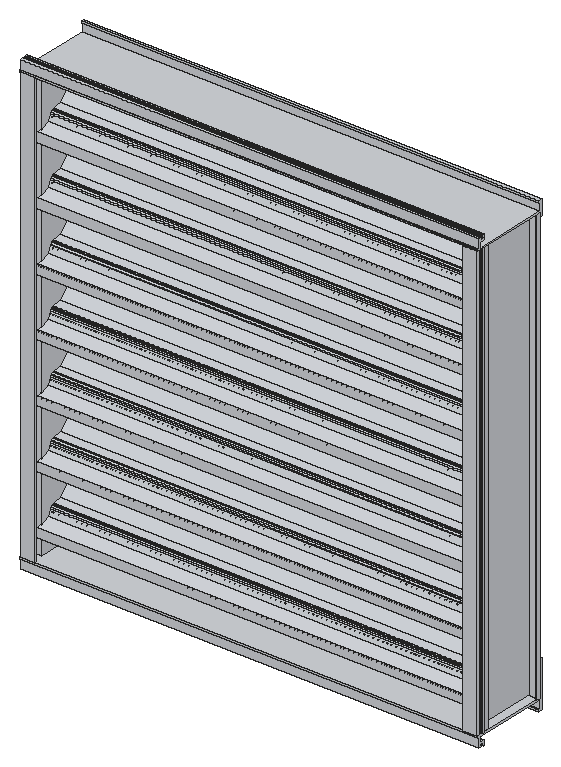
Revit family "DCFL-D-6", category Mechanical Equipment, Revit 2015
Parameters
  URL = "http://unitedenertech.com/catalog/pdf/A_22%20DCFLD6.pdf"
  Type Comments = "Max. Single Section Size is (72\"w  x  72\"h)"
  Number of Blades [instance] = rounddown((Exact Height - 0' 1 13/16") / 0' 4 41/64")  # 7
  Model = "DCFL-D-6"
  Manufacturer = "United Enertech Corporation"
  Exact Width = 3' - 0"
  Exact Height = 3' - 0"
  Description = "6\" Deep Hurricane Louver"
  Depth = 0' - 6.26867"
  Blade Width [instance] = Exact Width - 0' 1 13/16"  # 2' - 10 3/16"
  Blade Spacing = 0' - 4.64"
Reference planes (in)
  plane 1 "Center (Front/Back)": y = 0
  plane 2: z = 0
  plane 3 "Center (Left/Right)": x = 0
  plane 4: x = -18
  plane 5: x = 18
  plane 6: z = 36
  plane 7: z = 0.907
  plane 8: z = 35.093
  plane 9: y = 6.26867
  plane 10: x = -17.094
  plane 11: x = 17.094
Forms (in)
  Extrusion 1, solid
    sketch origin (32.73411, 22.44798, 0) x (1, 0, 0) y (0, 1, 0)
      loop
        line (-50.60911, -16.59898) -> (-50.60911, -16.49198) -> (-49.95311, -16.49198) -> (-49.95311, -21.36398) -> (-50.66611, -21.36398) -> (-50.66611, -21.82298) -> (-50.73411, -21.82298) -> (-50.73411, -21.94798) -> (-50.66611, -21.94798) -> (-50.66611, -22.00898) -> (-50.58511, -22.00898) -> (-50.58511, -21.94798) -> (-50.49711, -21.94798) -> (-50.49711, -22.32298) -> (-50.58511, -22.32298) -> (-50.58511, -22.23198) -> (-50.66611, -22.23198) -> (-50.66611, -22.44798) -> (-49.56511, -22.44798) -> (-49.56511, -22.32298) -> (-49.82811, -22.32298) -> (-49.82811, -22.21598) -> (-49.95311, -22.21598) -> (-49.95311, -22.32298) -> (-50.37211, -22.32298) -> (-50.37211, -21.82298) -> (-50.54111, -21.82298) -> (-50.54111, -21.48898) -> (-49.82811, -21.48898) -> (-49.82811, -16.49198) -> (-49.56511, -16.49198) -> (-49.56511, -16.36698) -> (-50.73411, -16.36698) -> (-50.73411, -16.59898) -> (-50.60911, -16.59898)
    from 0.907 to 35.093
  Extrusion 2, solid
    sketch origin (-32.73411, 22.44798, 0) x (-1, 0, 0) y (0, -1, 0)
      loop
        line (-50.60911, 16.59898) -> (-50.73411, 16.59898) -> (-50.73411, 16.36698) -> (-49.56511, 16.36698) -> (-49.56511, 16.49198) -> (-49.82811, 16.49198) -> (-49.82811, 21.48898) -> (-50.54111, 21.48898) -> (-50.54111, 21.82298) -> (-50.37211, 21.82298) -> (-50.37211, 22.32298) -> (-49.95311, 22.32298) -> (-49.95311, 22.21598) -> (-49.82811, 22.21598) -> (-49.82811, 22.32298) -> (-49.56511, 22.32298) -> (-49.56511, 22.44798) -> (-50.66611, 22.44798) -> (-50.66611, 22.23198) -> (-50.58511, 22.23198) -> (-50.58511, 22.32298) -> (-50.49711, 22.32298) -> (-50.49711, 21.94798) -> (-50.58511, 21.94798) -> (-50.58511, 22.00898) -> (-50.66611, 22.00898) -> (-50.66611, 21.94798) -> (-50.73411, 21.94798) -> (-50.73411, 21.82298) -> (-50.66611, 21.82298) -> (-50.66611, 21.36398) -> (-49.95311, 21.36398) -> (-49.95311, 16.49198) -> (-50.60911, 16.49198) -> (-50.60911, 16.59898)
    from 0.907 to 35.093
  Extrusion 3, solid
    sketch origin (-10.45021, 50.73378, 8.99276) x (0, 1, 0) y (0, 0, 1)
      loop
        line (-44.46511, -5.28576) -> (-44.59011, -5.28576) -> (-44.59011, -8.08576) -> (-50.73378, -8.08576) -> (-50.73378, -8.21076) -> (-50.67111, -8.21076) -> (-50.67111, -8.92376) -> (-50.45511, -8.92376) -> (-50.45511, -8.84276) -> (-50.56811, -8.84276) -> (-50.56811, -8.75476) -> (-50.17111, -8.75476) -> (-50.17111, -8.84276) -> (-50.23211, -8.84276) -> (-50.23211, -8.92376) -> (-50.17111, -8.92376) -> (-50.17111, -8.99276) -> (-50.09011, -8.99276) -> (-50.09011, -8.62976) -> (-50.56811, -8.62976) -> (-50.56811, -8.21076) -> (-44.59011, -8.21076) -> (-44.59011, -8.86776) -> (-44.69711, -8.86776) -> (-44.69711, -8.99276) -> (-44.46511, -8.99276) -> (-44.46511, -5.28576)
    from -7.54979 to 28.45021
  Extrusion 4, solid
    sketch origin (-12.41983, 50.73378, 47.84535) x (0, 1, 0) y (0, 0, 1)
      loop
        line (-50.17111, -11.84535) -> (-50.17111, -11.91435) -> (-50.23211, -11.91435) -> (-50.23211, -11.99535) -> (-50.17111, -11.99535) -> (-50.17111, -12.08335) -> (-50.56811, -12.08335) -> (-50.56811, -11.99535) -> (-50.45511, -11.99535) -> (-50.45511, -11.91435) -> (-50.67111, -11.91435) -> (-50.67111, -12.62735) -> (-50.73378, -12.62735) -> (-50.73378, -12.75235) -> (-44.59011, -12.75235) -> (-44.59011, -13.00235) -> (-44.46511, -13.00235) -> (-44.46511, -11.84535) -> (-44.69711, -11.84535) -> (-44.69711, -11.97035) -> (-44.59011, -11.97035) -> (-44.59011, -12.62735) -> (-50.56811, -12.62735) -> (-50.56811, -12.20835) -> (-50.09011, -12.20835) -> (-50.09011, -11.84535) -> (-50.17111, -11.84535)
    from -5.58017 to 30.41983
Dimensions and locks (in)
  equal spacing: plane 4, plane 3 "Center (Left/Right)", plane 5
  "Exact Width": plane 4 to plane 5
  "Exact Height": plane 6 to level
  locked: plane 7 to level at 0.907
  locked: plane 6 to plane 8 at 0.907
  "Depth": plane 1 "Center (Front/Back)" to plane 9
  locked: plane 4 to plane 10 at 0.906
  locked: plane 11 to plane 5 at 0.906
  equal spacing: group 1, group 2, group 3, group 4, group 5, group 6, group 7  (x2)
  equal spacing: group 7, group 6, group 5, group 4, group 3, group 2, group 1
  "Blade Spacing": nested 2 to nested 1
  aligned and locked: level to plane 2
  aligned and locked: Extrusion 1 to plane 4
  aligned and locked: plane 5 to Extrusion 2
  aligned and locked: Extrusion 3 to level
  aligned and locked: level to Extrusion 3
  aligned and locked: Extrusion 1 to Extrusion 3
  aligned and locked: Extrusion 2 to Extrusion 1
  aligned and locked: Extrusion 3 to plane 4
  aligned and locked: plane 5 to Extrusion 3
  aligned and locked: plane 6 to Extrusion 4  (x2)
  aligned and locked: plane 8 to Extrusion 1
  aligned and locked: plane 8 to Extrusion 2
  aligned and locked: Extrusion 4 to plane 4
  aligned and locked: plane 5 to Extrusion 4
  aligned and locked: Extrusion 1 to Extrusion 4
  aligned and locked: Extrusion 2 to Extrusion 4
  aligned and locked: Extrusion 4 to Extrusion 1
  aligned and locked: plane 3 "Center (Left/Right)" to nested 1
  aligned and locked: plane 8 to nested 1
Automatic sketch dimensions
  Extrusion 1 sketch curve to plane 4 = 0' - 0"  (x2)
  plane 4 to Extrusion 1 sketch curve = 0' - 0.068"  (x3)
  plane 4 to Extrusion 1 sketch curve = 0' - 0 1/8"
  Extrusion 1 sketch curve to Extrusion 1 sketch curve = 0' - 0.081"  (x2)
  Extrusion 1 sketch curve to Extrusion 1 sketch curve = 0' - 0 1/8"  (x9)
  Extrusion 1 sketch curve to Extrusion 1 sketch curve = 0' - 0.088"
  Extrusion 1 sketch curve to Extrusion 1 sketch curve = 0' - 0.419"
  Extrusion 1 sketch curve to Extrusion 1 sketch curve = 0' - 0.588"
  Extrusion 1 sketch curve to Extrusion 1 sketch curve = 0' - 0.263"  (x2)
  plane 1 "Center (Front/Back)" to Extrusion 1 sketch curve = 0' - 0"
  Extrusion 1 sketch curve to Extrusion 1 sketch curve = 0' - 0"  (x3)
  Extrusion 1 sketch curve to Extrusion 1 sketch curve = 0' - 0.091"
  Extrusion 1 sketch curve to Extrusion 1 sketch curve = 0' - 0.107"  (x2)
  Extrusion 1 sketch curve to Extrusion 1 sketch curve = 0' - 0.223"
  Extrusion 1 sketch curve to Extrusion 1 sketch curve = 0' - 0.061"  (x2)
  Extrusion 1 sketch curve to Extrusion 1 sketch curve = 0' - 0.334"
  Extrusion 1 sketch curve to Extrusion 1 sketch curve = 0' - 4.765"
  Extrusion 2 sketch curve to plane 5 = 0' - 0"  (x2)
  plane 5 to Extrusion 2 sketch curve = 0' - 0.068"  (x3)
  plane 5 to Extrusion 2 sketch curve = 0' - 0 1/8"
  Extrusion 2 sketch curve to Extrusion 2 sketch curve = 0' - 0.081"  (x2)
  Extrusion 2 sketch curve to Extrusion 2 sketch curve = 0' - 0 1/8"  (x9)
  Extrusion 2 sketch curve to Extrusion 2 sketch curve = 0' - 0.088"
  Extrusion 2 sketch curve to Extrusion 2 sketch curve = 0' - 0.419"
  Extrusion 2 sketch curve to Extrusion 2 sketch curve = 0' - 0.588"
  Extrusion 2 sketch curve to Extrusion 2 sketch curve = 0' - 0.263"  (x2)
  Extrusion 2 sketch curve to plane 1 "Center (Front/Back)" = 0' - 0"
  Extrusion 2 sketch curve to Extrusion 2 sketch curve = 0' - 0"  (x3)
  Extrusion 2 sketch curve to Extrusion 2 sketch curve = 0' - 0.091"
  Extrusion 2 sketch curve to Extrusion 2 sketch curve = 0' - 0.107"  (x2)
  Extrusion 2 sketch curve to Extrusion 2 sketch curve = 0' - 0.223"
  Extrusion 2 sketch curve to Extrusion 2 sketch curve = 0' - 0.061"  (x2)
  Extrusion 2 sketch curve to Extrusion 2 sketch curve = 0' - 0.334"
  Extrusion 2 sketch curve to Extrusion 2 sketch curve = 0' - 4.765"
  plane 1 "Center (Front/Back)" to Extrusion 3 sketch curve = 0' - 0"
  Extrusion 3 sketch curve to Extrusion 3 sketch curve = 0' - 0.06267"
  Extrusion 3 sketch curve to Extrusion 3 sketch curve = 0' - 0.103"  (x2)
  Extrusion 3 sketch curve to Extrusion 3 sketch curve = 0' - 0.113"
  Extrusion 3 sketch curve to Extrusion 3 sketch curve = 0' - 0.223"
  Extrusion 3 sketch curve to Extrusion 3 sketch curve = 0' - 0.061"  (x2)
  Extrusion 3 sketch curve to Extrusion 3 sketch curve = 0' - 0.081"  (x3)
  Extrusion 3 sketch curve to Extrusion 3 sketch curve = 0' - 5.393"
  Extrusion 3 sketch curve to Extrusion 3 sketch curve = 0' - 0.107"
  Extrusion 3 sketch curve to Extrusion 3 sketch curve = 0' - 0"  (x3)
  Extrusion 3 sketch curve to Extrusion 3 sketch curve = 0' - 0 1/8"  (x4)
  level to Extrusion 3 sketch curve = 0' - 0"
  Extrusion 3 sketch curve to Extrusion 3 sketch curve = 0' - 0.069"  (x2)
  Extrusion 3 sketch curve to Extrusion 3 sketch curve = 0' - 0.088"
  Extrusion 3 sketch curve to Extrusion 3 sketch curve = 0' - 0.419"
  Extrusion 3 sketch curve to Extrusion 3 sketch curve = 0' - 2.8"
  plane 1 "Center (Front/Back)" to Extrusion 4 sketch curve = 0' - 0"
  Extrusion 4 sketch curve to Extrusion 4 sketch curve = 0' - 0.06267"
  Extrusion 4 sketch curve to Extrusion 4 sketch curve = 0' - 0.103"  (x2)
  Extrusion 4 sketch curve to Extrusion 4 sketch curve = 0' - 0.113"
  Extrusion 4 sketch curve to Extrusion 4 sketch curve = 0' - 0.223"
  Extrusion 4 sketch curve to Extrusion 4 sketch curve = 0' - 0.061"  (x2)
  Extrusion 4 sketch curve to Extrusion 4 sketch curve = 0' - 0.081"  (x3)
  Extrusion 4 sketch curve to Extrusion 4 sketch curve = 0' - 5.393"
  Extrusion 4 sketch curve to Extrusion 4 sketch curve = 0' - 0.107"  (x2)
  Extrusion 4 sketch curve to Extrusion 4 sketch curve = 0' - 0 1/8"  (x4)
  plane 7 to Extrusion 4 sketch curve = 2' - 9.936"
  Extrusion 4 sketch curve to Extrusion 4 sketch curve = 0' - 0 1/4"
  Extrusion 4 sketch curve to Extrusion 4 sketch curve = 0' - 0"
  Extrusion 4 sketch curve to Extrusion 4 sketch curve = 0' - 0.419"
  Extrusion 4 sketch curve to Extrusion 4 sketch curve = 0' - 0.088"  (x2)
  Extrusion 4 sketch curve to Extrusion 4 sketch curve = 0' - 0.657"
  Extrusion 4 sketch curve to Extrusion 4 sketch curve = 0' - 0.069"
Nested families (in)
  nested 1: "DCFLD6 BLADE" at (0, 2.58507, 26.78466), type "DCFLD6 BLADE"
    with Blade Width 2' - 10 3/16"
  nested 2: "DCFLD6 BLADE" at (0, 2.58507, 22.14466), type "DCFLD6 BLADE"
    with Blade Width 2' - 10 3/16"
  nested 3: "DCFLD6 BLADE" at (0, 2.58507, 17.50466), type "DCFLD6 BLADE"
    with Blade Width 2' - 10 3/16"
  nested 4: "DCFLD6 BLADE" at (0, 2.58507, 12.86466), type "DCFLD6 BLADE"
    with Blade Width 2' - 10 3/16"
  nested 5: "DCFLD6 BLADE" at (0, 2.58507, 8.22466), type "DCFLD6 BLADE"
    with Blade Width 2' - 10 3/16"
  nested 6: "DCFLD6 BLADE" at (0, 2.58507, 3.58466), type "DCFLD6 BLADE"
    with Blade Width 2' - 10 3/16"
  nested 7: "DCFLD6 BLADE" at (0, 2.58507, -1.05534), type "DCFLD6 BLADE"
    with Blade Width 2' - 10 3/16"
Definition of nested family "DCFLD6 BLADE"
  Parameters (values of type "DCFLD6 BLADE")
    Blade Width = 1' - 0"
  Reference planes (in)
    plane 1 "Center (Front/Back)": y = 0
    plane 2: z = 0
    plane 3 "Center (Left/Right)": x = 0
    plane 4: x = -6
    plane 5: x = 6
  Forms (in)
    Extrusion 1, solid
      sketch origin (-5.63373, 0.59596, 5.53777) x (0, 1, 0) y (0, 0, 1)
        loop
          line (-2.93647, -1.30289) -> (-2.77449, -1.46488) -> (-2.71722, -1.4076) -> (-3.01747, -1.10734) -> (-3.01747, -1.84611) -> (-1.52342, -1.14783) -> (-1.37159, -0.79618) -> (-1.31605, -0.901) -> (-1.25694, -0.9592) -> (-1.1938, -0.9971) -> (-1.11646, -1.02155) -> (-1.03859, -1.02664) -> (-0.9656, -1.0145) -> (-0.89447, -0.98497) -> (-0.80681, -0.92215) -> (-0.85839, -0.86192) -> (-0.94373, -0.91944) -> (-1.05608, -0.94611) -> (-1.16143, -0.92283) -> (-1.23027, -0.87544) -> (-1.28649, -0.79311) -> (-1.30475, -0.67031) -> (-1.26529, -0.55924) -> (-1.19809, -0.49036) -> (-1.08367, -0.44763) -> (-0.96379, -0.46377) -> (-0.87355, -0.52528) -> (-0.80033, -0.63506) -> (-0.73754, -0.60836) -> (-0.77506, -0.52121) -> (-0.82536, -0.45877) -> (-0.87491, -0.41673) -> (-0.3617, -0.34114) -> (2.75001, 2.77057) -> (2.36176, 2.77057) -> (2.36176, 2.68957) -> (2.55446, 2.68957) -> (-0.40002, -0.26491) -> (-1.10431, -0.36864) -> (-1.19812, -0.39713) -> (-1.28278, -0.45492) -> (-1.34514, -0.53484) -> (-1.39249, -0.64024) -> (-1.58558, -1.08748) -> (-2.93647, -1.71884) -> (-2.93647, -1.30289)
      from -0.36627 to 11.63373
  Dimensions and locks (in)
    equal spacing: plane 4, plane 3 "Center (Left/Right)", plane 5
    "Blade Width": plane 4 to plane 5
    aligned and locked: level to plane 2
    aligned and locked: plane 4 to Extrusion 1
    aligned and locked: plane 5 to Extrusion 1
  Automatic sketch dimensions
    plane 1 "Center (Front/Back)" to Extrusion 1 sketch curve = 0' - 2.42151"
    Extrusion 1 sketch curve to Extrusion 1 sketch curve = 0' - 0.081"  (x2)
    Extrusion 1 sketch curve to Extrusion 1 sketch curve = 0' - 0.16198"
    Extrusion 1 sketch curve to Extrusion 1 sketch curve = 0' - 0.05728"  (x2)
    plane 1 "Center (Front/Back)" to Extrusion 1 sketch curve = 0' - 0.98962"
    Extrusion 1 sketch curve to Extrusion 1 sketch curve = 0' - 0.06217"
    Extrusion 1 sketch curve to Extrusion 1 sketch curve = 0' - 0.19309"
    Extrusion 1 sketch curve to Extrusion 1 sketch curve = 0' - 0.0209"
    Extrusion 1 sketch curve to Extrusion 1 sketch curve = 0' - 0.04736"
    Extrusion 1 sketch curve to Extrusion 1 sketch curve = 0' - 0.05555"
    Extrusion 1 sketch curve to Extrusion 1 sketch curve = 0' - 0.08775"
    Extrusion 1 sketch curve to Extrusion 1 sketch curve = 0' - 0.0851"
    Extrusion 1 sketch curve to Extrusion 1 sketch curve = 0' - 0.06236"
    Extrusion 1 sketch curve to Extrusion 1 sketch curve = 0' - 0.07984"
    Extrusion 1 sketch curve to Extrusion 1 sketch curve = 0' - 0.0591"
    Extrusion 1 sketch curve to Extrusion 1 sketch curve = 0' - 0.02667"
    Extrusion 1 sketch curve to Extrusion 1 sketch curve = 0' - 0.08466"
    Extrusion 1 sketch curve to Extrusion 1 sketch curve = 0' - 0.08469"
    Extrusion 1 sketch curve to Extrusion 1 sketch curve = 0' - 0.06315"
    Extrusion 1 sketch curve to Extrusion 1 sketch curve = 0' - 0.03237"
    Extrusion 1 sketch curve to Extrusion 1 sketch curve = 0' - 0.07734"
    Extrusion 1 sketch curve to Extrusion 1 sketch curve = 0' - 0.09381"
    Extrusion 1 sketch curve to Extrusion 1 sketch curve = 0' - 0.02065"
    Extrusion 1 sketch curve to Extrusion 1 sketch curve = 0' - 0.06038"
    Extrusion 1 sketch curve to Extrusion 1 sketch curve = 0' - 0.07787"
    Extrusion 1 sketch curve to Extrusion 1 sketch curve = 0' - 0.07299"
    Extrusion 1 sketch curve to Extrusion 1 sketch curve = 0' - 0.11988"
    Extrusion 1 sketch curve to Extrusion 1 sketch curve = 0' - 0.02187"
    Extrusion 1 sketch curve to Extrusion 1 sketch curve = 0' - 0.07113"
    Extrusion 1 sketch curve to Extrusion 1 sketch curve = 0' - 0.08888"
    Extrusion 1 sketch curve to Extrusion 1 sketch curve = 0' - 0.00136"
    Extrusion 1 sketch curve to Extrusion 1 sketch curve = 0' - 0.08534"
    Extrusion 1 sketch curve to Extrusion 1 sketch curve = 0' - 0.04955"
    Extrusion 1 sketch curve to Extrusion 1 sketch curve = 0' - 0.05159"
    Extrusion 1 sketch curve to Extrusion 1 sketch curve = 0' - 0.07321"
    Extrusion 1 sketch curve to Extrusion 1 sketch curve = 0' - 0.0503"
    Extrusion 1 sketch curve to Extrusion 1 sketch curve = 0' - 0.06279"
    Extrusion 1 sketch curve to plane 1 "Center (Front/Back)" = 0' - 0.19594"
    Extrusion 1 sketch curve to Extrusion 1 sketch curve = 0' - 0.03832"
    Extrusion 1 sketch curve to plane 1 "Center (Front/Back)" = 0' - 2.95773"
    Extrusion 1 sketch curve to Extrusion 1 sketch curve = 0' - 0.1927"
    Extrusion 1 sketch curve to Extrusion 1 sketch curve = 0' - 0.19555"
    level to Extrusion 1 sketch curve = 0' - 3.69166"
    Extrusion 1 sketch curve to Extrusion 1 sketch curve = 0' - 0.12727"
    Extrusion 1 sketch curve to Extrusion 1 sketch curve = 0' - 0.25397"
    Extrusion 1 sketch curve to Extrusion 1 sketch curve = 0' - 0.25977"
    Extrusion 1 sketch curve to Extrusion 1 sketch curve = 0' - 0.06035"
    Extrusion 1 sketch curve to Extrusion 1 sketch curve = 0' - 0.12119"
    Extrusion 1 sketch curve to Extrusion 1 sketch curve = 0' - 0.00509"
    Extrusion 1 sketch curve to Extrusion 1 sketch curve = 0' - 0.01215"
    Extrusion 1 sketch curve to Extrusion 1 sketch curve = 0' - 0.02446"
    Extrusion 1 sketch curve to Extrusion 1 sketch curve = 0' - 0.02953"
    Extrusion 1 sketch curve to Extrusion 1 sketch curve = 0' - 0.0379"
    Extrusion 1 sketch curve to Extrusion 1 sketch curve = 0' - 0.08054"
    Extrusion 1 sketch curve to Extrusion 1 sketch curve = 0' - 0.07427"
    Extrusion 1 sketch curve to Extrusion 1 sketch curve = 0' - 0.06282"
    Extrusion 1 sketch curve to Extrusion 1 sketch curve = 0' - 0.06553"
    Extrusion 1 sketch curve to Extrusion 1 sketch curve = 0' - 0.0582"
    Extrusion 1 sketch curve to Extrusion 1 sketch curve = 0' - 0.04739"
    Extrusion 1 sketch curve to Extrusion 1 sketch curve = 0' - 0.06023"
    Extrusion 1 sketch curve to Extrusion 1 sketch curve = 0' - 0.10482"
    Extrusion 1 sketch curve to Extrusion 1 sketch curve = 0' - 0.00307"
    Extrusion 1 sketch curve to Extrusion 1 sketch curve = 0' - 0.1228"
    Extrusion 1 sketch curve to Extrusion 1 sketch curve = 0' - 0.03007"
    Extrusion 1 sketch curve to Extrusion 1 sketch curve = 0' - 0.22686"
    Extrusion 1 sketch curve to Extrusion 1 sketch curve = 0' - 0.0267"
    Extrusion 1 sketch curve to Extrusion 1 sketch curve = 0' - 0.11107"
    Extrusion 1 sketch curve to Extrusion 1 sketch curve = 0' - 0.02441"
    Extrusion 1 sketch curve to Extrusion 1 sketch curve = 0' - 0.10978"
    Extrusion 1 sketch curve to Extrusion 1 sketch curve = 0' - 0.08715"
    Extrusion 1 sketch curve to Extrusion 1 sketch curve = 0' - 0.06889"
    Extrusion 1 sketch curve to Extrusion 1 sketch curve = 0' - 0.06152"
    Extrusion 1 sketch curve to Extrusion 1 sketch curve = 0' - 0.06244"
    Extrusion 1 sketch curve to Extrusion 1 sketch curve = 0' - 0.03543"
    Extrusion 1 sketch curve to Extrusion 1 sketch curve = 0' - 0.01613"
    Extrusion 1 sketch curve to Extrusion 1 sketch curve = 0' - 0.04204"
    Extrusion 1 sketch curve to Extrusion 1 sketch curve = 0' - 0.09322"
    Extrusion 1 sketch curve to Extrusion 1 sketch curve = 0' - 0.07899"
    Extrusion 1 sketch curve to Extrusion 1 sketch curve = 0' - 0.18007"
    Extrusion 1 sketch curve to Extrusion 1 sketch curve = 0' - 0.07623"
    Extrusion 1 sketch curve to Extrusion 1 sketch curve = 0' - 2.95448"
